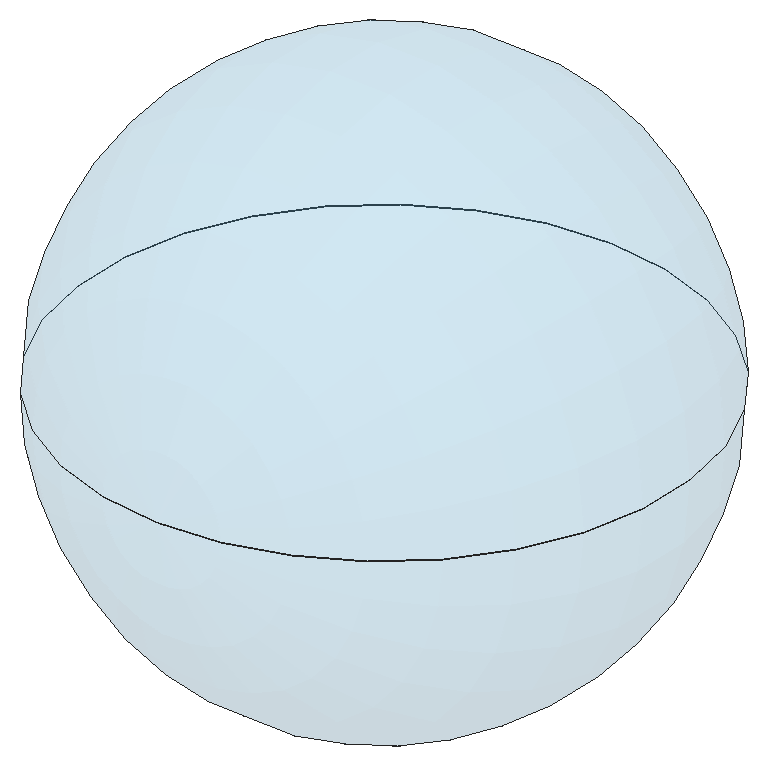
Revit family "bubble_Clash_Shared_Para2021", category Generic Models, Revit 2021
Family settings
  Can host rebar = No
  Round Connector Dimension = Use Diameter
  Part Type = Normal
  Work Plane-Based = No
  Always vertical = Yes
  Cut with Voids When Loaded = Yes
  Shared = Yes
  Room Calculation Point = No
Parameters
  Radius [instance] = if(abs(Clash_Distance) * 65 mm * 100 < 100 mm, 100 mm, if(abs(Clash_Distance) * 65 mm * 100 > 200 mm, 200 mm, abs(Clash_Distance) * 65 mm * 100))  # 100 mm
  Default Elevation = 0 mm
  Clash_Solved [instance] = no
  Clash_Remark [instance] = ""
  Clash_Name [instance] = ""
  Clash_Item_2 [instance] = ""
  Clash_Item_1 [instance] = ""
  Clash_Grid_Location [instance] = ""
  Clash_Element_ID_2 [instance] = ""
  Clash_Element_ID_1 [instance] = ""
  Clash_Distance [instance] = 0
  Clash_Discipline [instance] = ""
  Clash_CBWD [instance] = no
Reference planes
  plane 1 "Center (Front/Back)": y = 0
  plane 2: z = 0
  plane 3 "Center (Left/Right)": x = 0
Forms (mm)
  Revolve 1, solid, material "Glass"
    sketch origin (0, 0, 0) x (1, 0, 0) y (0, 1, 0)
      loop
        arc (0, 100) -> (-100, 0) -> (0, -100) r 100
        line (0, -100) -> (0, 100)
      axis (0, -100) -> (0, 100)
    angle from 0 to 360
Dimensions and locks
  "Radius": radius of Revolve 1 sketch curve
  aligned and locked: level to plane 2
Automatic sketch dimensions
  Revolve 1 sketch curve to plane 3 "Center (Left/Right)" = 0 mm  (x2)
  plane 1 "Center (Front/Back)" to Revolve 1 sketch curve = 0 mm
  Revolve 1 sketch curve to Revolve 1 sketch curve = 1900 mm  (x2)
